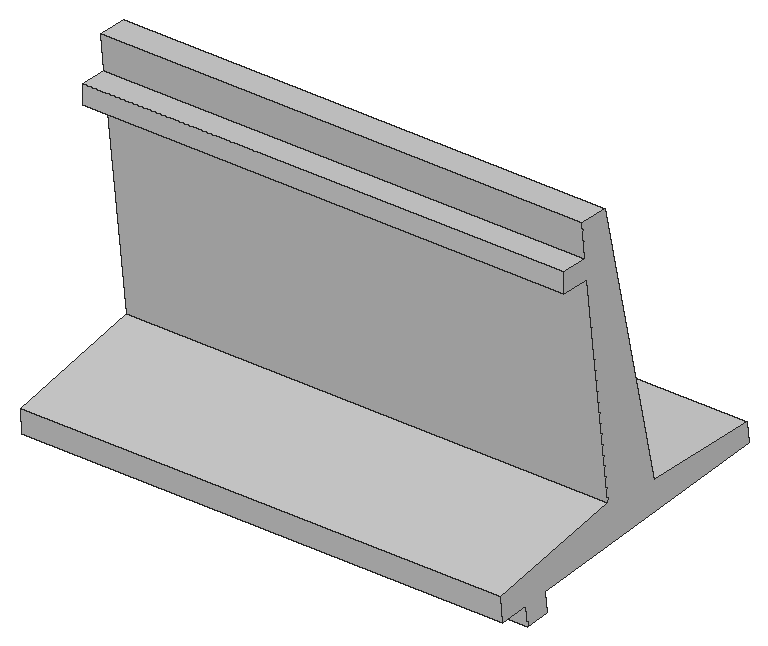
Revit family "M_ParedesdeRetenção_Par_Família_Prateleira1_Chave", category Fundações estruturais, Revit 2019
Family settings
  Material para o comportamento do modelo = Outros
  Cap = Não
  Número OmniClass = 23.10.20.14
  Título OmniClass = Retaining Walls
  ID de item do Seek = RetainingWall_Par_Family_Shelf1_Key-0000-CAN-ENU
  Com base no plano de trabalho = Não
  Sempre na vertical = Sim
  Corte com vazios quando carregada = Não
  Compartilhado = Não
Parameters (values of type "Padrão")
  hdiff = h3 - h4  # 52.686 mm
  h7 = h4 - h6  # 2837.275 mm
  h6 = Gw1 * tan(Alfa - Beta)  # -10.476 mm
  h4 = (H - Gf3 * cos(Alfa) + Bw * sin(Alfa)) / cos(Beta)  # 2826.799 mm
  h3 = (H - Gf3 * cos(Alfa) + (Bw + Gw2) * sin(Alfa)) / cos(Beta)  # 2879.485 mm
  h2 = (Bw + Gw2) * sin(Alfa)  # 156.88 mm
  h1 = Gf4 * cos(Alfa)  # 398.478 mm
  TmpBs1 = Gf4 * sin(Alfa) + (Bw + Gw2) * cos(Alfa) + (H - Hs1 - Gs1 - h1 + h2) * sin(Beta) + Bs1  # 2395.931 mm
  Tmp2 = (Bw + Gf3 * tan(Alfa - Gama)) * cos(Alfa - Gama)  # 1146.31 mm
  Tmp1 = (Bw + Gw2 + Gf4 * tan(Alfa - Beta)) * cos(Alfa - Beta)  # 1784.944 mm
  Structural Material [instance] = Concreto - Moldado in loco
  Length [instance] = 5000 mm
  Hs1 = 360 mm
  Hk = 200 mm
  H = 3000 mm
  Gw2 = 600 mm
  Gw1 = 300 mm
  Gs1 = 200 mm
  Gk = 250 mm
  Gf4 = 400 mm
  Gf3 = 300 mm
  Gf2 = 250 mm
  Gf1 = 200 mm
  Gama2 = atan((Gw2 * cos(Alfa - Beta) - Gw1 * cos(Alfa - Beta)) / h7)  # 6.03211°
  Gama = Gama2 + Beta  # 13.0321°
  Bw = 1200 mm
  Bs1 = 300 mm
  Bk = 300 mm
  Beta = 7.00°
  B = 3200 mm
  Assembly Code = ""
  Alfa = 5.00°
Reference planes
  plane 1 "Centro (Frente/Trás)": y = 0
  plane 2: z = 0
  plane 3 "Centro (Esquerda/Direita)": x = 0
  plane 4: z = 3000
  plane 5: x = 5000
  plane 6: z = 2640
  plane 7: z = 2440
  plane 8: y = -2395.931
Forms (mm)
  Sweep 1, solid, material "Concreto - Moldado in loco" <- "Structural Material"
    path origin (0, 0, 0) x (1, 0, 0) y (0, 1, 0)
      loop
        line (0, 0) -> (5000, 0)
    profile "M_Prateleira1_Perfil-chave : M_Prateleira1_Perfil-chave" origin (2500, 0, 0) x (0, 1, 0) y (0, 0, 1)
      loop
        line (-1870.99, 3000) -> (-2166.702, 3000) -> (-2122.5, 2640) -> (-2395.931, 2640) -> (-2395.931, 2440) -> (-2097.943, 2440) -> (-1828.013, 241.598) -> (-3209.612, -29.85) -> (-3187.823, -278.898) -> (-2888.965, -252.752) -> (-2871.533, -451.991) -> (-2622.485, -430.202) -> (-2639.916, -230.963) -> (0, 0) -> (-17.431, 199.239) -> (-1221.58, 194.272) -> (-1870.99, 3000)
Dimensions and locks
  "H": plane 4 to plane 2
  "Length": plane 3 "Centro (Esquerda/Direita)" to plane 5
  "Hs1": plane 4 to plane 6
  "Gs1": plane 6 to plane 7
  "TmpBs1": plane 8 to plane 1 "Centro (Frente/Trás)"
  aligned and locked: plane 3 "Centro (Esquerda/Direita)" to Sweep 1 sketch curve
  aligned and locked: plane 1 "Centro (Frente/Trás)" to Sweep 1 sketch curve
  aligned and locked: plane 5 to Sweep 1 sketch curve
